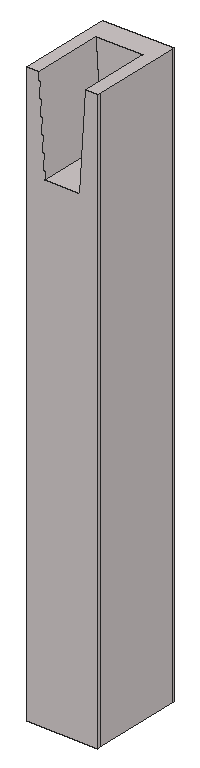
Revit family "a1743d46a7044710ae4cbc31e96d1cea", category Structural Columns, Revit 2021
Family settings
  Display in Hidden Views = Edges Hidden by Other Members
  Section Shape = Not Defined
  Material for Model Behavior = Precast Concrete
  Always export as geometry = No
  Beam cutback in plan = From bounding box
  OmniClass Number = 23.25.30.11.14.11
  OmniClass Title = Columns
  Seek Item ID = Precast-Rectangular Column with Cone-Shaped Fork bearing-0000-USA-ENU
  Cut with Voids When Loaded = No
  Symbolic Representation = From Family
  Shared = No
  Show family pre-cut in plan views = Yes
Parameters (values of type "12"x16"-Seat Cut")
  TransChamfer = if(Chamfer = 0' 0", 0' 0.3937", Chamfer)  # 0' - 0.3937"
  Tie Rod Weight [instance] = 30
  Tie Rod W [instance] = (Tie Rod Weight) * 2.20313 kip / 1000  # 0.0660938 kip
  Structural Material [instance] = Concrete, Precast
  Single Rebar Weight [instance] = 50
  Single Rebar W [instance] = (Single Rebar Weight * 2.20313 kip) / 1000  # 0.110156 kip
  Seat Cut Through = no
  Seat Depth 1 [instance] = if(Seat Cut Through, h, Seat Depth)  # 1' - 0"
  Seat Depth [instance] = 1' - 0"
  Seat Height [instance] = 1' - 4"
  Seat Top Width [instance] = 0' - 8"
  Seat Bottom Width [instance] = 0' - 6"
  Rebar Grids Weight [instance] = 100
  Rebar Grids W [instance] = (Rebar Grids Weight * 2.20313 kip) / 1000  # 0.220313 kip
  b = 1' - 0"
  h = 1' - 4"
  Chamfer = 0' - 0"
Types (3): name | Seat Cut Through | Seat Depth 1 | b | h
  (no name) | no | 1' - 0" | 1' - 0" | 1' - 4"
  12"x16"-Seat Cut | no | 1' - 0" | 1' - 0" | 1' - 4"
  16"x20"-Seat Cut-Through | yes | 1' - 8" | 1' - 4" | 1' - 8"
Reference planes (in)
  plane 1 "Center (Front/Back)": y = 0
  plane 2: z = 0
  plane 3 "Center (Left/Right)": x = 0
  plane 4: x = -6
  plane 5: y = -8
  plane 6: x = 6
  plane 7: y = 8
  plane 8: z = 82.4252
  plane 9: y = 4
  plane 10: x = -4
  plane 11: x = -3
  plane 12: x = 3
  plane 13: x = 4
  plane 14: y = 7.6063
  plane 15: y = -7.6063
  plane 16: x = 6
  plane 17: x = -6
Forms (in)
  Extrusion 1, solid, material "Concrete, Precast" <- "Structural Material"
    sketch origin (0, 0, 0) x (1, 0, 0) y (0, 1, 0)
      loop
        line (-6, 8) -> (-6, 7.6063) -> (-6, -7.6063) -> (-6, -8) -> (6, -8) -> (6, -7.6063) -> (6, 7.6063) -> (6, 8) -> (-6, 8)
    from 0 to 98.4252
  Blend 2, void
    base sketch origin (0, 0, 0) x (1, 0, 0) y (0, 1, 0)
      loop
        line (-4, 4) -> (-4, -8) -> (4, -8) -> (4, 4) -> (-4, 4)
    top sketch origin (0, 0, 0) x (1, 0, 0) y (0, 1, 0)
      loop
        line (-3, 4) -> (-3, -8) -> (3, -8) -> (3, 4) -> (-3, 4)
    from 98.4252 to 82.4252
Cuts and joins
  Blend 2 cuts Extrusion 1
Dimensions and locks (in)
  "Seat Height": level to plane 8
  equal spacing: plane 11, plane 3 "Center (Left/Right)", plane 12
  equal spacing: plane 10, plane 3 "Center (Left/Right)", plane 13
  "Seat Top Width": plane 10 to plane 13
  "Seat Bottom Width": plane 11 to plane 12
  equal spacing: plane 4, plane 3 "Center (Left/Right)", plane 6
  "b": plane 4 to plane 6
  equal spacing: plane 7, plane 1 "Center (Front/Back)", plane 5
  "h": plane 7 to plane 5
  "Seat Depth 1": plane 5 to plane 9
  "Chamfer": plane 4 to plane 17
  "Chamfer": plane 16 to plane 6
  "TransChamfer": plane 15 to plane 5
  "TransChamfer": plane 7 to plane 14
  aligned and locked: level to Extrusion 1
  aligned and locked: level to plane 2
  aligned and locked: Extrusion 1 to plane 2
  aligned and locked: Extrusion 1 sketch curve to plane 4
  aligned and locked: plane 6 to Extrusion 1 sketch curve
  aligned and locked: Extrusion 1 sketch curve to plane 7
  aligned and locked: Extrusion 1 sketch curve to plane 5
  aligned and locked: plane 10 to Blend 2 sketch curve
  aligned and locked: Blend 2 sketch curve to plane 9  (x2)
  aligned and locked: Blend 2 sketch curve to plane 13
  aligned and locked: Blend 2 sketch curve to plane 5  (x2)
  aligned and locked: plane 11 to Blend 2 sketch curve
  aligned and locked: Blend 2 sketch curve to plane 12
  aligned and locked: level to Blend 2
  aligned and locked: Blend 2 to plane 8
  aligned and locked: plane 17 to Extrusion 1 sketch curve  (x2)
  aligned and locked: plane 16 to Extrusion 1 sketch curve  (x2)
  aligned and locked: plane 14 to Extrusion 1 sketch curve  (x2)
  aligned and locked: plane 15 to Extrusion 1 sketch curve  (x2)
